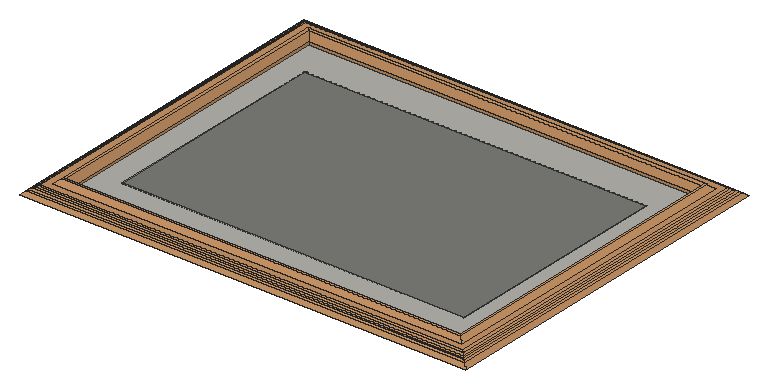
Revit family "db946cf2-3342-4b06-8d70-b13aa1e8ff66", category Furniture, host Face, Revit 2016
Family settings
  Host = Face
  OmniClass Number = 23.40.95.00
  OmniClass Title = Furnishings, Ornaments, and Decoration
  Cut with Voids When Loaded = No
  Shared = No
  Room Calculation Point = No
Parameters (values of type "31" x 39"")
  Width = 39"
  URL = "http://besafeprod.com/"
  Type Image = <None>
  Type Comments = ""
  Product Page URL = "http://besafeprod.com/product-catalog/art-frames"
  Product Documentation Link = "http://besafeprod.com/images/art-fram_profile.jpg"
  Notes = "Images include watermark. For clean images, contact Behavorial Safety Products"  # constant formula
  Model = "AF550"  # constant formula
  Mat Finish = Paper-BSP-White Mat
  Manufacturer = "Behavioral Safety Products"  # constant formula
  Keynote = ""
  Image Width = 30"
  Image Height = 20"
  Height = 31"
  Front Protection Finish = Polycarbonate-BSP-Clear
  Frame Finish = Wood-BSP-Cherry
  Description = "Ligature Resistant Art Frame"  # constant formula
  Depth = 1 1/8"  # constant formula
  Default Elevation = 54"
  Assembly Code = ""
  Art Selection = Image-21 : 20x30
  Art Note = "Frame 37x31 uses 16x20 Image, Frame 31x39 uses 20x30 Image, Frame 35x45 uses 24x36 Image"  # constant formula
Types (4): name | Width | Image Width | Image Height | Height | Art Selection
  (no name) | 39" | 30" | 20" | 31" | Image-21 : 20x30
  35" x 45" | 45" | 36" | 24" | 35" | Image-21 : 24x36
  27" x 31" | 31" | 20" | 16" | 27" | Image-21 : 16x20
  31" x 39" | 39" | 30" | 20" | 31" | Image-21 : 20x30
Reference planes (in)
  plane 1 "Center (Front/Back)": y = 10.5
  plane 2: z = 0
  plane 3 "Center (Left/Right)": x = -9.5
  plane 4: x = -29
  plane 5: x = 10
  plane 6: y = -5
  plane 7: y = 26
  plane 8: x = -24.5
  plane 9: x = 5.5
  plane 10: y = 0.5
  plane 11: y = 20.5
Forms (in)
  Sweep 1, solid, material "Wood-BSP-Cherry" <- "Frame Finish", detail levels medium+fine
    path origin (0, 0, 0) x (1, 0, 0) y (0, 1, 0)
      loop
        line (-29, 26) -> (-29, -5) -> (10, -5) -> (10, 26) -> (-29, 26)
    profile "Art_Frame-Profile : Art_Frame-Profile" origin (-9.5, 26, 0) x (0, 1, 0) y (0, 0, 1)
      loop
        line (0, 0) -> (-0.25, 0.3125) -> (-0.41399, 0.4034)
        arc (-0.41399, 0.4034) -> (-0.51102, 0.42173) -> (-0.57798, 0.4943) r 0.15721
        line (-0.57798, 0.4943) -> (-0.68731, 0.5549)
        arc (-0.68731, 0.5549) -> (-0.78434, 0.57323) -> (-0.8513, 0.64581) r 0.15721
        line (-0.8513, 0.64581) -> (-1.01529, 0.73671) -> (-1.57779, 0.73671) -> (-2.00232, 1.09293)
        arc (-2.00232, 1.09293) -> (-2.12273, 1.12128) -> (-2.21715, 1.04135) r 0.13742
        line (-2.21715, 1.04135) -> (-2.5, 0.375) -> (-2.5, 0.1875) -> (-2.25, 0.1875) -> (-2.25, 0) -> (0, 0)
  Extrusion 2, solid, material "Wood-BSP-Cherry" <- "Frame Finish", detail levels coarse
    sketch origin (0, 0, 0) x (1, 0, 0) y (0, 1, 0)
      loop
        line (-29, 26) -> (-29, -5) -> (10, -5) -> (10, 26) -> (-29, 26)
      loop
        line (-26.5, 23.5) -> (-26.5, -2.5) -> (7.5, -2.5) -> (7.5, 23.5) -> (-26.5, 23.5)
    from 0 to 1.125
  Extrusion 3, solid, material "Wood-BSP-Cherry" <- "Frame Finish", detail levels medium+fine
    sketch origin (0, 0, 0) x (1, 0, 0) y (0, 1, 0)
      loop
        line (-26.75, 23.75) -> (-26.75, -2.75) -> (7.75, -2.75) -> (7.75, 23.75) -> (-26.75, 23.75)
    from 0 to 0.0625
  Extrusion 4, solid, material "Paper-BSP-White Mat" <- "Mat Finish", detail levels medium+fine
    sketch origin (0, 0, 0) x (1, 0, 0) y (0, 1, 0)
      loop
        line (-26.75, 23.75) -> (-26.75, -2.75) -> (7.75, -2.75) -> (7.75, 23.75) -> (-26.75, 23.75)
      loop
        line (-24.5, 20.5) -> (-24.5, 0.5) -> (5.5, 0.5) -> (5.5, 20.5) -> (-24.5, 20.5)
    from 0.0625 to 0.09375
  Extrusion 5, solid, material "Polycarbonate-BSP-Clear" <- "Front Protection Finish"
    sketch origin (0, 0, 0) x (1, 0, 0) y (0, 1, 0)
      loop
        line (-26.75, 23.75) -> (-26.75, -2.75) -> (7.75, -2.75) -> (7.75, 23.75) -> (-26.75, 23.75)
    from 0.09375 to 0.1875
Lines and regions (in)
  Masking region 1, detail levels medium
    outline origin (0, 10.5, 0) x (1, 0, 0) y (0, 0, 1)
      loop
        line (-29, 0) -> (10, 0) -> (10, 1.125) -> (-29, 1.125) -> (-29, 0)
  Masking region 2, detail levels fine
    outline origin (0, 10.5, 0) x (1, 0, 0) y (0, 0, 1)
      loop
        line (-28.75, 0.3125) -> (-29, 0) -> (10, 0) -> (9.75, 0.3125) -> (9.58601, 0.4034)
        arc (9.58601, 0.4034) -> (9.48898, 0.42173) -> (9.42202, 0.4943) r 0.15721
        line (9.42202, 0.4943) -> (9.31269, 0.5549)
        arc (9.31269, 0.5549) -> (9.21566, 0.57323) -> (9.1487, 0.64581) r 0.15721
        line (9.1487, 0.64581) -> (8.98471, 0.73671) -> (8.42221, 0.73671) -> (7.99768, 1.09293)
        arc (7.99768, 1.09293) -> (7.87727, 1.12128) -> (7.78285, 1.04135) r 0.13742
        line (7.78285, 1.04135) -> (7.65354, 0.73671) -> (-26.65354, 0.73671) -> (-26.78285, 1.04135)
        arc (-26.78285, 1.04135) -> (-26.87727, 1.12128) -> (-26.99768, 1.09293) r 0.13742
        line (-26.99768, 1.09293) -> (-27.42221, 0.73671) -> (-27.98471, 0.73671) -> (-28.1487, 0.64581)
        arc (-28.1487, 0.64581) -> (-28.21566, 0.57323) -> (-28.31269, 0.5549) r 0.15721
        line (-28.31269, 0.5549) -> (-28.42202, 0.4943)
        arc (-28.42202, 0.4943) -> (-28.48898, 0.42173) -> (-28.58601, 0.4034) r 0.15721
        line (-28.58601, 0.4034) -> (-28.75, 0.3125)
  symbolic lines, style "Art Frame-Course", detail levels coarse
    curve 1: line (10, 10.5, 1.125) -> (-29, 10.5, 1.125)
Dimensions and locks (in)
  equal spacing: plane 7, plane 1 "Center (Front/Back)", plane 6
  "Height": plane 7 to plane 6
  equal spacing: plane 4, plane 3 "Center (Left/Right)", plane 5
  "Width": plane 4 to plane 5
  "Depth": Extrusion 2 to Extrusion 2
  locked: Extrusion 3 to Extrusion 3 at 0.0625
  equal spacing: plane 11, plane 1 "Center (Front/Back)", plane 10
  "Image Height": plane 11 to plane 10
  equal spacing: plane 8, plane 3 "Center (Left/Right)", plane 9
  "Image Width": plane 8 to plane 9
  locked: Extrusion 4 to Extrusion 4 at 0.03125
  aligned and locked: plane 2 to host face
  aligned and locked: level to host face
  aligned and locked: Sweep 1 sketch curve to plane 7
  aligned and locked: plane 4 to Sweep 1 sketch curve
  aligned and locked: plane 6 to Sweep 1 sketch curve
  aligned and locked: Sweep 1 sketch curve to plane 5
  aligned and locked: Extrusion 2 sketch curve to Sweep 1  (x6)
  aligned and locked: plane 6 to Extrusion 2 sketch curve
  aligned and locked: Extrusion 2 sketch curve to plane 5
  aligned and locked: Extrusion 3 sketch curve to Sweep 1  (x4)
  aligned and locked: Extrusion 3 to level
  aligned and locked: Extrusion 4 sketch curve to Sweep 1  (x4)
  aligned and locked: Extrusion 4 sketch curve to plane 11
  aligned and locked: plane 10 to Extrusion 4 sketch curve
  aligned and locked: Extrusion 5 sketch curve to Sweep 1  (x4)
  aligned and locked: Extrusion 5 to Sweep 1
  aligned and locked: curve 1 to Extrusion 2
  aligned and locked: plane 4 to curve 1
  aligned and locked: plane 5 to curve 1
  aligned and locked: Masking region 1 sketch curve to Sweep 1
  aligned and locked: Masking region 1 sketch curve to Extrusion 2  (x3)
  aligned and locked: Masking region 2 sketch curve to Sweep 1  (x16)
  aligned and locked: Sweep 1 to Masking region 2 sketch curve  (x3)
  aligned and locked: host face to Masking region 2 sketch curve
  aligned and locked: plane 3 "Center (Left/Right)" to nested 1
  aligned and locked: plane 1 "Center (Front/Back)" to nested 1
  aligned and locked: Extrusion 4 to nested 1
Automatic sketch dimensions
  host sketch curve to host sketch curve = 96"  (x2)
  level to curve 1 = 1 1/8"
  Masking region 2 sketch curve to Masking region 2 sketch curve = 0.1265"
  Masking region 2 sketch curve to Masking region 2 sketch curve = 0.42453"
  level to Masking region 2 sketch curve = 1.04135"
  Masking region 2 sketch curve to Masking region 2 sketch curve = 0.08833"
  Masking region 2 sketch curve to Masking region 2 sketch curve = 0.12931"
  Masking region 2 sketch curve to Masking region 2 sketch curve = 0.35622"
  Extrusion 4 sketch curve to plane 8 = 0"
  Extrusion 4 sketch curve to plane 9 = 0"
  plane 4 to Extrusion 4 sketch curve = 2 1/4"
Nested families (in)
  nested 1: "Image-21" at (-9.5, 10.5, 0.0625), type <- "Art Selection", type "20x30", detail levels medium+fine
Definition of nested family "Image-21"
  Parameters
    Width = 30"
    Image = none
    Height = 20"
  Reference planes (in)
    plane 1 "Center (Front/Back)": y = 0
    plane 2: z = 0
    plane 3 "Center (Left/Right)": x = 0
    plane 4: x = -15
    plane 5: x = 15
    plane 6: y = 10
    plane 7: y = -10
  Forms (in)
    Extrusion 1, solid, material <- "Image"
      sketch origin (0, 0, 0) x (1, 0, 0) y (0, 1, 0)
        loop
          line (-15, 10) -> (-15, -10) -> (15, -10) -> (15, 10) -> (-15, 10)
      from 0 to 0.03125
  Dimensions and locks (in)
    equal spacing: plane 6, plane 1 "Center (Front/Back)", plane 7
    "Height": plane 6 to plane 7
    equal spacing: plane 4, plane 3 "Center (Left/Right)", plane 5
    "Width": plane 4 to plane 5
    locked: Extrusion 1 to Extrusion 1 at 0.03125
    aligned and locked: plane 2 to level
    aligned and locked: Extrusion 1 sketch curve to plane 6
    aligned and locked: plane 4 to Extrusion 1 sketch curve
    aligned and locked: plane 7 to Extrusion 1 sketch curve
    aligned and locked: Extrusion 1 sketch curve to plane 5
